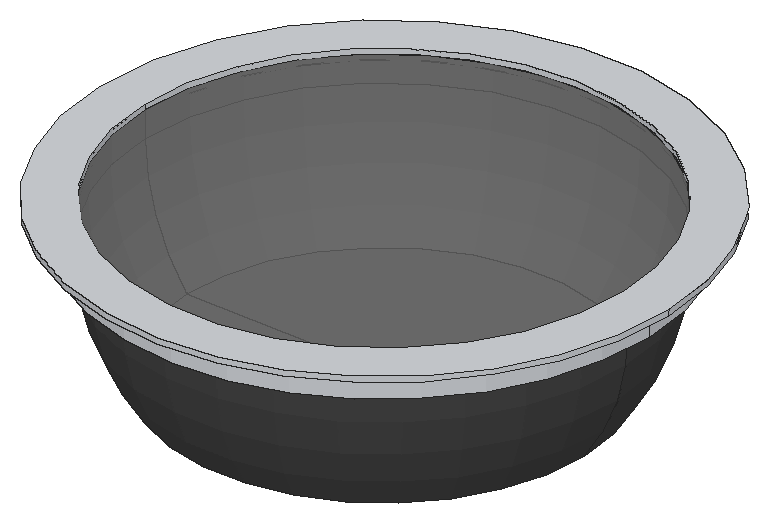
Revit family "3031853_recessed", category Lighting Fixtures, host Face, Revit 2017
Family settings
  Host = Face
  Round Connector Dimension = Use Diameter
  Part Type = Normal
  OmniClass Number = 23.80.70.11.17
  OmniClass Title = Specialized Lighting by Location or Use
  Cut with Voids When Loaded = No
  Light Source = Yes
  Shared = No
  Room Calculation Point = No
Parameters (values of type "SYL-LIGHTER II 220 21W WW 1-10V")
  Weight = 0.60 kg
  Wattage = 21.8668 W
  built-in parameter 1150110 = 1 (stored number, unit not read)
  Voltage Comments = "UNV (Universal Voltage; 220-240 Volt)"  # constant formula
  Voltage = 240 V  # constant formula
  URL = "http://www.sylvania-lighting.com"
  built-in parameter 1114217 = 1 (stored number, unit not read)
  Tilt Angle = -90.00°  # constant formula
  built-in parameter 1150109 = 1 (stored number, unit not read)
  built-in parameter 1150134 = (empty or 0)
  Ta Rating = "-10°C to +40°C"  # constant formula
  built-in parameter 1150113 = 1 (stored number, unit not read)
  Recessed Depth = Height  # 60.0 mm
  IP Rating = "IP44"  # constant formula
  IK Rating = "IK07"  # constant formula
  Energy Class = "A++, A+, A"  # constant formula
  Dimmable = "DALI"  # constant formula
  Catalog Number = "3031853 SYL-LIGHTER II 220 21W WW 1-10V"
  Body Material = Metal_Sylvania_Syl-Lighter LED II_Silver
  Product Page URL = "http://www.sylvania-lighting.com/product/en-int/products/3031853"
  Product Family = "SYL-LIGHTER LED II"  # constant formula
  Photometry Comments = ""
  Photometric Web File = "3031853.ies"
  built-in parameter 1150105 = 164.8 (stored number, unit not read)
  Lumens = 2071 lm
  built-in parameter 1150115 = 1 (stored number, unit not read)
  built-in parameter 1150137 = (empty or 0)
  built-in parameter 1150139 = (empty or 0)
  Life = "50 000h"  # constant formula
  built-in parameter 1150112 = 1 (stored number, unit not read)
  built-in parameter 1150114 = 1 (stored number, unit not read)
  Lamp Comments = "Integrated LED"
  built-in parameter 1150132 = 2
  built-in parameter 1150102 = (empty or 0)
  built-in parameter 1150107 = 3000 (stored number, unit not read)
  built-in parameter 1150138 = (empty or 0)
  built-in parameter 1150106 = 1.648 (stored number, unit not read)
  Glow Wire Test = 650 °C  # constant formula
  Emit from Circle Diameter = Diffuser Diameter  # 185.0 mm
  Emit Shape Visible in Rendering = no
  built-in parameter 1150104 = 8.7988 (stored number, unit not read)
  Drive Current = "600mA"
  Dimming Lamp Color Temperature Shift = <None>
  Diffuser Radius = Diffuser Diameter / 2  # 92.5 mm
  Diffuser Diameter = Diameter - 20.0 mm  # 185.0 mm
  Inner Diameter = Diameter - 4.0 mm  # 201.0 mm
  Cutout Diameter = Diameter  # 205.0 mm
  Color Filter = 16777215
  Beam Angle = 74.00°
  built-in parameter 1114218 = 1 (stored number, unit not read)
  built-in parameter 1150133 = 10 (stored number, unit not read)
  Height = 60.0 mm
  Electrical Protection = "CLASS II"  # constant formula
  built-in parameter 1114216 [instance] = 1 (stored number, unit not read)
  Model = "SYL-LIGHTER II 220 21W WW 1-10V"
  Manufacturer = "Feilo Sylvania"  # constant formula
  Lamp = "LED"
  Diffuser Material = Polycarbonate_Sylvania_Syl-Lighter LED II_Opal
  Description = "Ceiling recessed IP44 LED downlight, perfect where limited ceiling void is available with only 60mm product depth and 205mm cutout. Ideal replacement for 1x42W CFL downlights. The polycarbonate diffuser allows for a wider light distribution and increased spacings between luminiares. Loop in loop out connector allows for quick installation. Die-cast aluminium body, 2071LM, 21W, 99lm/W, 4000K, Driver Current: 600mA, CRI80, 74° beam angle, 1-10V dimmable LED driver, IP44, IK07, 50,000 hrs (L70), (HxW) 60x205mm, 5 step MacAdam ellipse, 0.60kg, RAL9003, Class 2, 220-240V, energy class: A++, A+, A"  # constant formula
  Default Elevation = 0.0 mm
  built-in parameter 1140040 [instance] = 1
  Assembly Code = "D5020200"
  Apparent Load Comments = ""
  Apparent Load = 21 VA
  Accessory Radius = Accessory Diameter / 2  # 110.0 mm
  Accessory Material = Aluminum_Sylvania_Syl-Lighter LED II_White_RAL 9003
  Diameter = 205.0 mm
  Accessory Diameter = 220.0 mm
Reference planes
  plane 1 "Center (Front/Back)": y = 0
  plane 2: z = 0
  plane 3 "Center (Left/Right)": x = 0
  plane 4 "Fixture Bottom": z = 2
  plane 5: z = -10
  plane 6 "Fixture Top": z = -60
  plane 7: z = -2
Forms (mm)
  Extrusion 1, void
    sketch origin (0, 0, 58) x (-1, 0, 0) y (0, -1, 0)
      loop
        circle (0, 0) r 102.5
    from -171 to -55
  Extrusion 2, solid, detail levels fine
    sketch origin (0, 0, 58) x (-1, 0, 0) y (0, -1, 0)
      loop
        circle (0, 0) r 102.5
      loop
        circle (0, 0) r 100.5
    from -68 to -58
  Extrusion 3, solid, detail levels fine
    sketch origin (0, 0, 58) x (-1, 0, 0) y (0, -1, 0)
      loop
        circle (0, 0) r 110
      loop
        circle (0, 0) r 92.5
    from -58 to -56
  Extrusion 4, solid, material "Polycarbonate_Sylvania_Syl-Lighter LED II_Opal" <- "Diffuser Material", detail levels fine
    sketch origin (0, 0, 58) x (-1, 0, 0) y (0, -1, 0)
      loop
        circle (0, 0) r 92.5
    from -60 to -58
  Revolve 5, solid, material "Metal_Sylvania_Syl-Lighter LED II_Silver" <- "Body Material", detail levels fine
    sketch origin (0, 0, 0) x (1, 0, 0) y (0, 0, 1)
      loop
        line (-92.5, 0) -> (-94.5, 0) -> (-94.5, -10)
        arc (-94.5, -10) -> (-90.134, -36.405) -> (-77.5, -60) r 82.029
        line (-77.5, -60) -> (0, -60) -> (0, -58) -> (-76.507, -58)
        arc (-76.507, -58) -> (-88.397, -35.297) -> (-92.5, -10) r 80.029
        line (-92.5, -10) -> (-92.5, 0)
      axis (0, -60) -> (0, 0)
    angle from 0 to 360
  Revolve 6, solid, material "Aluminum_Sylvania_Syl-Lighter LED II_White_RAL 9003" <- "Accessory Material", detail levels coarse+medium
    sketch origin (0, 0, 0) x (1, 0, 0) y (0, 0, 1)
      loop
        line (-110, 2) -> (-110, 0) -> (-102.5, 0) -> (-102.5, -10) -> (-94.5, -10)
        arc (-94.5, -10) -> (-90.134, -36.405) -> (-77.5, -60) r 82.029
        line (-77.5, -60) -> (0, -60) -> (0, 2) -> (-110, 2)
      axis (0, 2) -> (0, -60)
    angle from 0 to 360
Cuts and joins
  joined: Extrusion 2, Extrusion 3
Lines and regions (mm)
  Masking region 1
    outline origin (0, 0, 58) x (-1, 0, 0) y (0, -1, 0)
      loop
        circle (0, 0) r 110
  symbolic lines, detail levels fine
    curve 1: arc (-92.5, 0, 58) -> (0, 92.5, 58) -> (92.5, 0, 58) r 92.5
    curve 2: arc (92.5, 0, 58) -> (0, -92.5, 58) -> (-92.5, 0, 58) r 92.5
Dimensions and locks
  locked: plane 4 "Fixture Bottom" to plane 2 at 2
  locked: plane 2 to plane 5 at 10
  "Height": plane 2 to plane 6 "Fixture Top"
  locked: plane 2 to plane 7 at 2
  "Diffuser Radius": plane 3 "Center (Left/Right)" to Revolve 5 sketch curve
  locked: Revolve 5 sketch curve to Revolve 5 sketch curve at 2
  locked: Revolve 5 sketch curve to Revolve 5 sketch curve at 15
  "Accessory Radius": plane 3 "Center (Left/Right)" to Revolve 6 sketch curve
  Revolve 6 sketch curve to Revolve 6 sketch curve to Revolve 6 sketch curve to Revolve 6 sketch curve = 7.5 mm locked, 8.0 mm locked, 17.0 mm locked
  "Cutout Diameter": diameter of Extrusion 1 sketch curve
  "Diameter": diameter of Extrusion 2 sketch curve
  "Inner Diameter": diameter of Extrusion 2 sketch curve
  "Accessory Diameter": diameter of Extrusion 3 sketch curve
  "Diffuser Diameter": diameter of Extrusion 3 sketch curve
  "Diffuser Diameter": diameter of Extrusion 4 sketch curve
  "Accessory Diameter": diameter of Masking region 1 sketch curve
  aligned and locked: host face to plane 2
  aligned and locked: host face to level
  aligned and locked: plane 4 "Fixture Bottom" to Extrusion 3
  aligned and locked: Extrusion 3 to plane 2
  aligned and locked: Extrusion 2 to plane 5
  aligned and locked: plane 2 to Extrusion 2
  aligned and locked: Extrusion 4 to plane 7
  aligned and locked: plane 2 to Extrusion 4
  aligned and locked: Revolve 5 sketch curve to plane 2
  aligned and locked: plane 5 to Revolve 5 sketch curve  (x2)
  aligned and locked: Revolve 5 sketch curve to plane 3 "Center (Left/Right)"
  aligned and locked: plane 3 "Center (Left/Right)" to Revolve 5 sketch curve
  aligned and locked: Revolve 6 sketch curve to plane 5
  aligned and locked: Revolve 6 sketch curve to plane 2
  aligned and locked: Revolve 6 sketch curve to plane 4 "Fixture Bottom"
  aligned and locked: plane 3 "Center (Left/Right)" to Revolve 6 sketch curve
  aligned and locked: Revolve 6 sketch curve to plane 3 "Center (Left/Right)"
  aligned and locked: plane 3 "Center (Left/Right)" to imposter light
  aligned and locked: imposter light to plane 1 "Center (Front/Back)"
  aligned and locked: imposter light to plane 4 "Fixture Bottom"
  aligned and locked: curve 1 to cut or joined group of Extrusion 2, Extrusion 3
Automatic sketch dimensions
  host sketch curve to host sketch curve = 700.0 mm
  host sketch curve to host sketch curve = 620.0 mm
  plane 1 "Center (Front/Back)" to Extrusion 1 sketch curve = 0.0 mm
  Extrusion 1 sketch curve to plane 3 "Center (Left/Right)" = 0.0 mm
  Extrusion 2 sketch curve to Extrusion 2 sketch curve = 0.0 mm  (x2)
  plane 1 "Center (Front/Back)" to Extrusion 2 sketch curve = 0.0 mm
  Extrusion 2 sketch curve to plane 3 "Center (Left/Right)" = 0.0 mm
  Extrusion 3 sketch curve to Extrusion 3 sketch curve = 0.0 mm  (x2)
  plane 1 "Center (Front/Back)" to Extrusion 3 sketch curve = 0.0 mm
  Extrusion 3 sketch curve to plane 3 "Center (Left/Right)" = 0.0 mm
  plane 1 "Center (Front/Back)" to Extrusion 4 sketch curve = 0.0 mm
  Extrusion 4 sketch curve to plane 3 "Center (Left/Right)" = 0.0 mm
  Revolve 5 sketch curve to Revolve 5 sketch curve = 0.0 mm
  Revolve 5 sketch curve to plane 6 "Fixture Top" = 0.0 mm
  plane 6 "Fixture Top" to Revolve 5 sketch curve = 2.0 mm
  Revolve 5 sketch curve to Revolve 5 sketch curve = 17.111 mm
  plane 4 "Fixture Bottom" to Revolve 5 sketch curve = 20.889 mm
  Revolve 6 sketch curve to plane 6 "Fixture Top" = 0.0 mm
  Revolve 6 sketch curve to plane 6 "Fixture Top" = 63.885 mm
  Revolve 6 sketch curve to Revolve 6 sketch curve = 84.115 mm
  plane 1 "Center (Front/Back)" to Masking region 1 sketch curve = 0.0 mm
  Masking region 1 sketch curve to plane 3 "Center (Left/Right)" = 0.0 mm
Connectors
  electrical at (0, 0, -60), driven by "Apparent Load", driven by "Voltage"
    settings: on Revolve 5, index 1, voltage 240 V, apparent load 0 VA, apparent load phase1 21 VA, apparent load phase2 0 VA, apparent load phase3 0 VA, power factor 1, load classification "Lighting", number of poles 1, system type 31, power factor state 1, is connector primary yes, connector utility no, sub classification motor no, connector description ""
